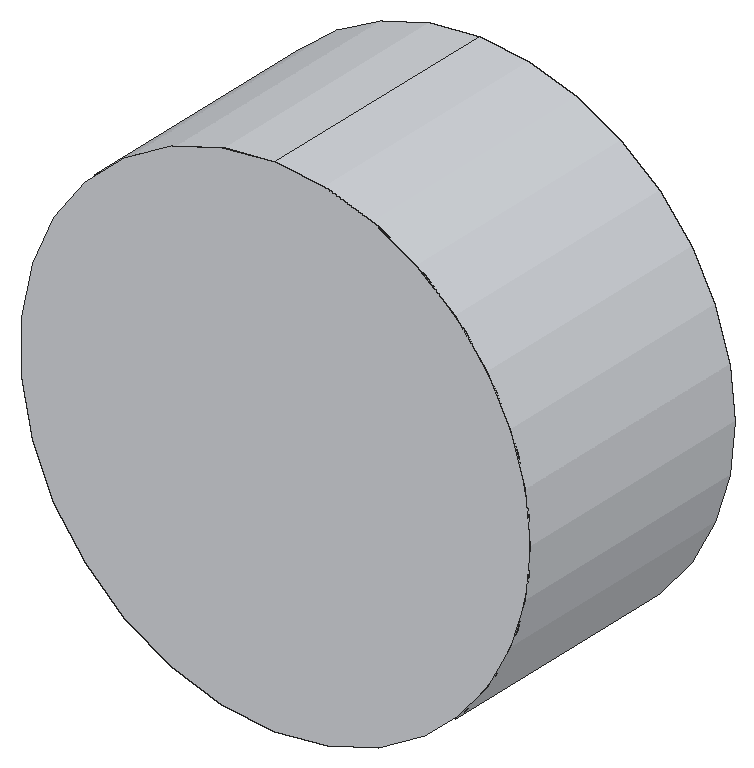
Revit family "Vbathw", category Mechanical Equipment, Revit 2024
Family settings
  Round Connector Dimension = Use Diameter
  Classification = None
  Part Type = Normal
  OmniClass Number = 23.75.70.00
  OmniClass Title = HVAC Distribution Devices
  Work Plane-Based = No
  Always vertical = Yes
  Cut with Voids When Loaded = No
  Maintain Annotation Orientation = No
  Shared = No
  Room Calculation Point = No
Parameters (values of type "Standard")
  Part Number = "Vbathw"
  Model = "Vbathw"
  Manufacturer = "Broan Nutone Venmar"
  Designer = "IM"
  Design State = 1
  Description = "Vbathw"
  Default Elevation = 0' - 0"
  Creation Date = "2025-01-22"
  Author = "IM"
Reference planes (in)
  plane 1 "Center (Front/Back)": y = 0
  plane 2: z = 0
  plane 3 "Center (Left/Right)": x = 0
Forms (in)
  Extrusion 1, solid
    sketch origin (1.375, 0, -2.25) x (0, 0, -1) y (1, 0, 0)
      loop
        circle (0, 0) r 0.12
    from 0 to -0.12
Dimensions and locks (in)
  aligned and locked: plane 2 to level
Connectors (in)
  electrical at (1.375, 0, -2.25)
    settings: on Extrusion 1, index 1, voltage 0 V, apparent load 0 VA, apparent load phase1 0 VA, apparent load phase2 0 VA, apparent load phase3 0 VA, power factor 1, load classification "Other", number of poles 1, system type 13, power factor state 1, is connector primary yes, connector utility no, sub classification motor no, connector description ""
